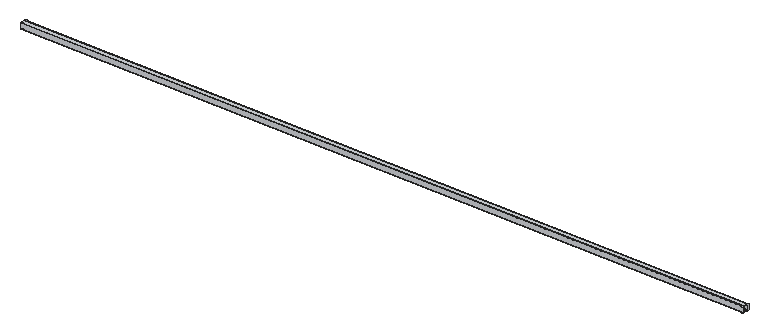
Revit family "IVLB_L4U_GM_Track 3Phase - NORDIC XTS", category Lighting Fixtures, Revit 2019
Family settings
  Round Connector Dimension = Use Diameter
  Part Type = Normal
  Work Plane-Based = No
  Always vertical = No
  Cut with Voids When Loaded = No
  Light Source = No
  Shared = No
  Room Calculation Point = No
Parameters (values of type "NORDIC XTS 4100")
  ⌂ Powered by IVLibrary = "www.ivlibrary.com"
  Wattage Comments = ""
  URL = "www.ivlibrary.com"
  Type Comments = ""
  Model = "NORDIC XTS 4100"
  Manufacturer = "Light4u"
  Luminaire Code = ""
  Length = 4100 mm
  Lamp = ""
  IfcExportType = "POINTSOURCE"
  IfcExportAs = "IfcLightFixtureType"
  Description = "NORDIC XTS 4100"
  built-in parameter 1140040 [instance] = 1
  Assembly Code = "63.00"
  Article Number = ""
  Apparent Load = 0 VA
Types (5, lengths in mm): name | Model | Length | Description
  (no name) | "NORDIC XTS 4100" | 4100 | "NORDIC XTS 4100"
  NORDIC XTS 4100 | "NORDIC XTS 4100" | 4100 | "NORDIC XTS 4100"
  NORDIC XTS 4200 | "NORDIC XTS 4200" | 4200 | "NORDIC XTS 4200"
  NORDIC XTS 4300 | "NORDIC XTS 4300" | 4300 | "NORDIC XTS 4300"
  NORDIC XTS 4400 | "NORDIC XTS 4400" | 4400 | "NORDIC XTS 4400"
Reference planes
  plane 1 "Center (Front/Back)": y = 0
  plane 2: z = 0
  plane 3 "Center (Left/Right)": x = 0
  plane 4: x = 0.044
Forms (mm)
  Extrusion 1, solid
    sketch origin (0, 0, 32.5) x (0, 1, 0) y (0, 0, 1)
      loop
        line (13.75, 0) -> (-13.75, 0)
        arc (-13.75, 0) -> (-15.164, -0.586) -> (-15.75, -2) r 2
        line (-15.75, -2) -> (-15.75, -30.5)
        arc (-15.75, -30.5) -> (-15.164, -31.914) -> (-13.75, -32.5) r 2
        line (-13.75, -32.5) -> (-8.75, -32.5) -> (-8.75, -31.5) -> (-13.75, -31.5)
        arc (-13.75, -31.5) -> (-14.457, -31.207) -> (-14.75, -30.5) r 1
        line (-14.75, -30.5) -> (-14.75, -2)
        arc (-14.75, -2) -> (-14.457, -1.293) -> (-13.75, -1) r 1
        line (-13.75, -1) -> (13.75, -1)
        arc (13.75, -1) -> (14.457, -1.293) -> (14.75, -2) r 1
        line (14.75, -2) -> (14.75, -30.5)
        arc (14.75, -30.5) -> (14.457, -31.207) -> (13.75, -31.5) r 1
        line (13.75, -31.5) -> (8.75, -31.5) -> (8.75, -32.5) -> (13.75, -32.5)
        arc (13.75, -32.5) -> (15.164, -31.914) -> (15.75, -30.5) r 2
        line (15.75, -30.5) -> (15.75, -2)
        arc (15.75, -2) -> (15.164, -0.586) -> (13.75, 0) r 2
    from 0.044 to 4100.044
Dimensions and locks
  "Length": plane 4 to Extrusion 1
  aligned and locked: level to plane 2
  aligned and locked: Extrusion 1 to plane 4
Automatic sketch dimensions
  Extrusion 1 sketch curve to Extrusion 1 sketch curve = 0 mm  (x8)
  level to Extrusion 1 sketch curve = 32.5 mm
  plane 1 "Center (Front/Back)" to Extrusion 1 sketch curve = 15.75 mm
  Extrusion 1 sketch curve to Extrusion 1 sketch curve = 1 mm  (x5)
  Extrusion 1 sketch curve to Extrusion 1 sketch curve = 5 mm  (x2)
  Extrusion 1 sketch curve to plane 1 "Center (Front/Back)" = 8.75 mm
  Extrusion 1 sketch curve to plane 1 "Center (Front/Back)" = 13.75 mm
  Extrusion 1 sketch curve to Extrusion 1 sketch curve = 28.5 mm
Connectors
  electrical at (0.044, 0, 13.1), driven by "Apparent Load"
    settings: on Extrusion 1, index 1, voltage 230 V, apparent load 0 VA, apparent load phase1 0 VA, apparent load phase2 0 VA, apparent load phase3 0 VA, power factor 1, load classification "Other", number of poles 1, system type 31, power factor state 1, is connector primary yes, connector utility no, sub classification motor no, connector description ""
